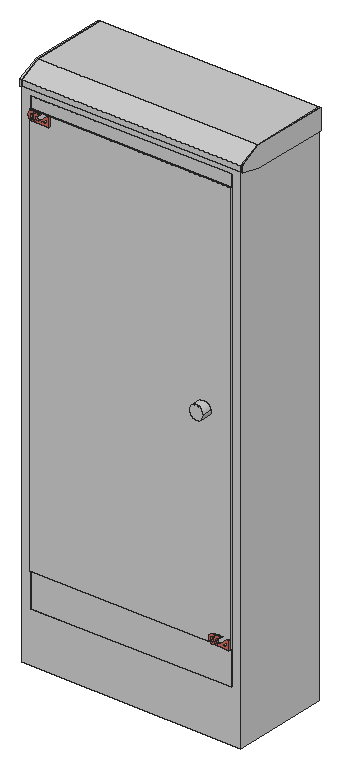
Revit family "120908-00184  Шкаф распределительный телефонный ШР-600-2М (пустой) ССД", category Обобщенные модели, Revit 2019
Family settings
  Может служить основой для арматурных стержней = Нет
  Размер круглого соединителя = Использовать диаметр
  Тип детали = Нормальный
  На основе рабочей плоскости = Нет
  Всегда вертикально = Да
  При загрузке вырезать с полостями = Нет
  Общий = Нет
  Точка расчета площади = Нет
Parameters (values of type "ШР-600-2М")
  Толщина 5 = 5 mm  # constant formula
  Толщина 4 = 4 mm  # constant formula
  Толщина 25 = 25 mm  # constant formula
  Толщина -4 = -4 mm  # constant formula
  Смещение от уровня [instance] = 500 mm
  Описание = "Шкаф распределительный телефонный ШР-600-2М (пустой) ССД"
  Ноль = 0 mm  # constant formula
  Материал букв = Металл красный
  Материал Каркаса = Металл серый
  ADSK_Этаж [instance] = ""
  ADSK_Размер_Ширина = 640 mm
  ADSK_Размер_Глубина = 285 mm
  ADSK_Размер_Высота = 1550 mm
  ADSK_Примечание [instance] = ""
  ADSK_Предел огнестойкости = ""
  ADSK_Позиция [instance] = ""
  ADSK_Обозначение = ""
  ADSK_Наименование краткое = "ШР-600-2М"
  ADSK_Наименование = "Шкаф распределительный телефонный ШР-600-2М (пустой) ССД"
  ADSK_Масса_Текст = "74"
  ADSK_Марка [instance] = ""
  ADSK_Количество [instance] = 1  # constant formula
  ADSK_Код изделия = "120908-00184"
  ADSK_Зона = ""
  ADSK_Завод-изготовитель = "АО СВЯЗЬСТРОЙДЕТАЛЬ"  # constant formula
  ADSK_Единица измерения = "шт"  # constant formula
  ADSK_URL страницы изделия = "Шкаф распределительный телефонный ШР-600-2М (пустой) ССД ( 120908-00184 ) (ssd.ru)"
  ADSK_URL документации изделия = "shr_decl_2017.pdf (ssd.ru)"
Reference planes
  plane 1 "тттт": y = 0
  plane 2: z = 0
  plane 3 "УУУУ": x = 0
  plane 4 "УК": y = -82.5
  plane 5: y = 82.5
  plane 6 "Е!": z = 500
  plane 7: z = 2050
  plane 8: z = 650
  plane 9: z = 2005
  plane 10: z = 1990
  plane 11 "Е-1": x = -320
  plane 12 "Е-2": x = 320
  plane 13 "П-2": y = 142.5
  plane 14 "П-1": y = -142.5
  plane 15: z = 2022
  plane 16: x = -293
  plane 17: x = 293
  plane 18: z = 750
  plane 19: z = 1957
  plane 20: x = 214.591
  plane 21: z = 1353.5
Forms (mm)
  Extrusion 1, void, not visible, detail levels fine
    sketch origin (-20, 0, 0) x (1, 0, 0) y (0, 0, 1)
      loop
        arc (-281.999, 290) -> (-261.999, 270) -> (-241.999, 290) r 20
        line (-241.999, 290) -> (-241.999, 370)
        arc (-241.999, 370) -> (-261.999, 390) -> (-281.999, 370) r 20
        line (-281.999, 370) -> (-281.999, 290)
    from 90 to 190
  Extrusion 2, void, not visible
    sketch origin (-20, 0, 225) x (1, 0, 0) y (0, 0, 1)
      loop
        circle (-261.999, 215) r 6.5
    from 90 to 190
  Extrusion 3, void, not visible, detail levels fine
    sketch origin (20, 0, 0) x (-1, 0, 0) y (0, 0, -1)
      loop
        line (-281.999, -290) -> (-281.999, -370)
        arc (-281.999, -370) -> (-261.999, -390) -> (-241.999, -370) r 20
        line (-241.999, -370) -> (-241.999, -290)
        arc (-241.999, -290) -> (-261.999, -270) -> (-281.999, -290) r 20
    from 90 to 190
  Extrusion 4, void, not visible
    sketch origin (20, 0, 225) x (-1, 0, 0) y (0, 0, -1)
      loop
        circle (-261.999, -215) r 6.5
    from 90 to 190
  Extrusion 5, void, not visible
    sketch origin (0, 0, 220) x (0, 1, 0) y (0, 0, 1)
      loop
        circle (-102, 220) r 3.036
      loop
        circle (-172.959, 220) r 3.036
      loop
        circle (-122, 237) r 3.036
      loop
        circle (-157.959, 237) r 3.036
      loop
        circle (-121.964, 203) r 3.036
      loop
        circle (-158.036, 203) r 3.036
      loop
        arc (-162.48, 75) -> (-137.48, 50) -> (-112.48, 75) r 25
        line (-112.48, 75) -> (-112.48, 145)
        arc (-112.48, 145) -> (-137.48, 170) -> (-162.48, 145) r 25
        line (-162.48, 145) -> (-162.48, 75)
    from -312 to 312
  Extrusion 6, solid, material "Металл серый" <- "Материал Каркаса", detail levels medium+fine
    sketch origin (0, -142.5, 0) x (-1, 0, 0) y (0, 0, 1)
      loop
        line (-320, 2005) -> (-320, 500) -> (320, 500) -> (320, 2005) -> (-320, 2005)
      loop
        line (293, 1990) -> (-293, 1990) -> (-293, 650) -> (293, 650) -> (293, 1990)
    from 4 <- "Толщина 4" to 0
  Extrusion 7, solid, material "Металл серый" <- "Материал Каркаса", detail levels medium+fine
    sketch origin (0, 142.5, 0) x (-1, 0, 0) y (0, 0, 1)
      loop
        line (320, 2005) -> (-320, 2005) -> (-320, 500) -> (320, 500) -> (320, 2005)
    from 0 to -4 <- "Толщина -4"
  Extrusion 8, solid, material "Металл серый" <- "Материал Каркаса", detail levels medium+fine
    sketch origin (-320, 0, 0) x (0, 1, 0) y (0, 0, 1)
      loop
        line (142.5, 2005) -> (-142.5, 2005) -> (-142.5, 500) -> (142.5, 500) -> (142.5, 2005)
    from 0 to 4 <- "Толщина 4"
  Extrusion 9, solid, material "Металл серый" <- "Материал Каркаса", detail levels medium+fine
    sketch origin (320, 0, 0) x (0, 1, 0) y (0, 0, 1)
      loop
        line (142.5, 2005) -> (-142.5, 2005) -> (-142.5, 500) -> (142.5, 500) -> (142.5, 2005)
    from -4 <- "Толщина -4" to 0
  Extrusion 10, solid, material "Металл серый" <- "Материал Каркаса", detail levels medium+fine
    sketch origin (-320, 0, 0) x (0, 1, 0) y (0, 0, 1)
      loop
        line (142.5, 2050) -> (-82.5, 2050) -> (-142.5, 2022) -> (-142.5, 2005) -> (-82.5, 1990) -> (142.5, 1990) -> (142.5, 2050)
    from -4 <- "Толщина -4" to 0
  Extrusion 11, solid, material "Металл серый" <- "Материал Каркаса", detail levels medium+fine
    sketch origin (320, 0, 0) x (0, 1, 0) y (0, 0, 1)
      loop
        line (-142.5, 2005) -> (-82.5, 1990) -> (142.5, 1990) -> (142.5, 2050) -> (-82.5, 2050) -> (-142.5, 2022) -> (-142.5, 2005)
    from 0 to 4 <- "Толщина 4"
  Extrusion 12, solid, material "Металл серый" <- "Материал Каркаса", detail levels medium+fine
    sketch origin (-320, 0, 0) x (0, 1, 0) y (0, 0, 1)
      loop
        line (-142.5, 2005) -> (-138.5, 2005) -> (-138.5, 2018.349) -> (-81.391, 2045) -> (138.5, 2045) -> (138.5, 2005) -> (142.5, 2005) -> (142.5, 2050) -> (-82.5, 2050) -> (-142.5, 2022) -> (-142.5, 2005)
    from 0 to 640
  Extrusion 13, solid, material "Металл серый" <- "Материал Каркаса", detail levels medium+fine
    sketch origin (0, -142.5, 0) x (-1, 0, 0) y (0, 0, 1)
      loop
        line (293, 1957) -> (-293, 1957) -> (-293, 750) -> (293, 750) -> (293, 1957)
    from -4 <- "Толщина -4" to 0
  Extrusion 14, solid, material "Металл серый" <- "Материал Каркаса", detail levels medium+fine
    sketch origin (0, -142.5, 0) x (-1, 0, 0) y (0, 0, 1)
      loop
        line (293, 750) -> (-293, 750) -> (-293, 650) -> (293, 650) -> (293, 750)
      loop
        line (293, 1990) -> (-293, 1990) -> (-293, 1957) -> (293, 1957) -> (293, 1990)
    from 0 to 4 <- "Толщина 4"
  Extrusion 15, solid, material "Металл серый" <- "Материал Каркаса", detail levels medium+fine
    sketch origin (0, -142.5, 0) x (-1, 0, 0) y (0, 0, 1)
      loop
        circle (-214.591, 1353.5) r 20
    from -30 to 0
  Extrusion 16, solid, material "Металл серый" <- "Материал Каркаса", detail levels medium+fine
    sketch origin (0, 0, 500) x (-1, 0, 0) y (0, -1, 0)
      loop
        line (320, -142.5) -> (320, 142.5) -> (-320, 142.5) -> (-320, -142.5) -> (320, -142.5)
    from 0 to 4
  Extrusion 17, solid, material "Металл серый" <- "Материал Каркаса", detail levels coarse
    sketch origin (0, 0, 0) x (1, 0, 0) y (0, 1, 0)
      loop
        line (-320, 142.5) -> (-320, -142.5) -> (320, -142.5) -> (320, 142.5) -> (-320, 142.5)
    from 500 to 2050
Cuts and joins
  joined: Extrusion 6, Extrusion 7, Extrusion 8, Extrusion 9, Extrusion 16
Dimensions and locks
  "Смещение от уровня": plane 6 "Е!" to level
  locked: plane 8 to plane 6 "Е!" at 150
  locked: plane 7 to plane 9 at 45
  locked: plane 9 to plane 10 at 15
  "ADSK_Размер_Высота": plane 7 to plane 6 "Е!"
  equal spacing: plane 13 "П-2", plane 1 "тттт", plane 14 "П-1"
  equal spacing: plane 11 "Е-1", plane 3 "УУУУ", plane 12 "Е-2"
  "ADSK_Размер_Глубина": plane 13 "П-2" to plane 14 "П-1"
  "ADSK_Размер_Ширина": plane 11 "Е-1" to plane 12 "Е-2"
  locked: plane 4 "УК" to plane 14 "П-1" at 60
  locked: plane 13 "П-2" to plane 5 at 60
  locked: plane 15 to plane 9 at 17
  locked: plane 16 to plane 11 "Е-1" at 27
  locked: plane 12 "Е-2" to plane 17 at 27
  "Толщина 5": Extrusion 10 to Extrusion 12 sketch curve  (x2)
  "Толщина 4": Extrusion 12 sketch curve to Extrusion 10
  "Толщина 4": Extrusion 10 to Extrusion 12 sketch curve
  locked: plane 18 to plane 8 at 100
  locked: plane 10 to plane 19 at 33
  plane 17 to plane 20 = 78.409 mm
  equal spacing: plane 19, plane 21, plane 18
  aligned and locked: level to plane 2
  aligned and locked: plane 9 to Extrusion 6 sketch curve
  aligned and locked: Extrusion 6 sketch curve to plane 6 "Е!"
  aligned and locked: Extrusion 6 sketch curve to plane 11 "Е-1"
  aligned and locked: plane 12 "Е-2" to Extrusion 6 sketch curve
  aligned and locked: Extrusion 6 sketch curve to plane 8
  aligned and locked: plane 17 to Extrusion 6 sketch curve
  aligned and locked: Extrusion 6 sketch curve to plane 16
  aligned and locked: Extrusion 6 sketch curve to plane 10
  aligned and locked: Extrusion 6 to plane 14 "П-1"
  aligned and locked: plane 6 "Е!" to Extrusion 7 sketch curve
  aligned and locked: plane 11 "Е-1" to Extrusion 7 sketch curve
  aligned and locked: Extrusion 7 sketch curve to plane 12 "Е-2"
  aligned and locked: Extrusion 7 sketch curve to plane 9
  aligned and locked: plane 13 "П-2" to Extrusion 7
  aligned and locked: Extrusion 8 sketch curve to Extrusion 7  (x2)
  aligned and locked: Extrusion 8 sketch curve to Extrusion 6  (x2)
  aligned and locked: Extrusion 8 to plane 11 "Е-1"
  aligned and locked: Extrusion 9 sketch curve to cut or joined group of Extrusion 6, Extrusion 7, Extrusion 8, Extrusion 9, Extrusion 16  (x2)
  aligned and locked: cut or joined group of Extrusion 6, Extrusion 7, Extrusion 8, Extrusion 9, Extrusion 16 to Extrusion 9 sketch curve
  aligned and locked: Extrusion 9 sketch curve to plane 9
  aligned and locked: plane 12 "Е-2" to Extrusion 9
  aligned and locked: plane 13 "П-2" to Extrusion 10 sketch curve
  aligned and locked: Extrusion 10 sketch curve to plane 7
  aligned and locked: plane 10 to Extrusion 10 sketch curve
  aligned and locked: plane 14 "П-1" to Extrusion 10 sketch curve
  aligned and locked: plane 15 to Extrusion 10 sketch curve
  aligned and locked: plane 4 "УК" to Extrusion 10 sketch curve  (x2)
  aligned and locked: plane 9 to Extrusion 10 sketch curve
  aligned and locked: plane 11 "Е-1" to Extrusion 10
  aligned and locked: Extrusion 11 sketch curve to plane 14 "П-1"
  aligned and locked: Extrusion 11 sketch curve to plane 10
  aligned and locked: plane 7 to Extrusion 11 sketch curve
  aligned and locked: Extrusion 11 sketch curve to plane 13 "П-2"
  aligned and locked: plane 15 to Extrusion 11 sketch curve
  aligned and locked: Extrusion 11 sketch curve to plane 4 "УК"  (x2)
  aligned and locked: plane 9 to Extrusion 11 sketch curve
  aligned and locked: Extrusion 11 to plane 12 "Е-2"
  aligned and locked: Extrusion 12 sketch curve to plane 7
  aligned and locked: plane 14 "П-1" to Extrusion 12 sketch curve
  aligned and locked: plane 13 "П-2" to Extrusion 12 sketch curve
  aligned and locked: Extrusion 12 to plane 11 "Е-1"
  aligned and locked: plane 12 "Е-2" to Extrusion 12
  aligned and locked: Extrusion 13 sketch curve to plane 19
  aligned and locked: Extrusion 13 sketch curve to cut or joined group of Extrusion 6, Extrusion 7, Extrusion 8, Extrusion 9, Extrusion 16
  aligned and locked: Extrusion 13 sketch curve to plane 18
  aligned and locked: plane 17 to Extrusion 13 sketch curve
  aligned and locked: plane 14 "П-1" to Extrusion 13
  aligned and locked: Extrusion 14 sketch curve to Extrusion 13  (x4)
  aligned and locked: Extrusion 14 sketch curve to cut or joined group of Extrusion 6, Extrusion 7, Extrusion 8, Extrusion 9, Extrusion 16  (x4)
  aligned and locked: Extrusion 14 to plane 14 "П-1"
  aligned and locked: plane 14 "П-1" to Extrusion 15
  aligned and locked: Extrusion 16 sketch curve to cut or joined group of Extrusion 6, Extrusion 7, Extrusion 8, Extrusion 9, Extrusion 16  (x4)
  aligned and locked: plane 18 to nested 1
  aligned and locked: nested 1 to plane 17
  aligned and locked: plane 16 to nested 2
  aligned and locked: plane 19 to nested 2
  aligned and locked: nested 2 to Extrusion 13
  aligned and locked: Extrusion 13 to nested 1
  aligned and locked: Extrusion 17 sketch curve to cut or joined group of Extrusion 6, Extrusion 7, Extrusion 8, Extrusion 9, Extrusion 16  (x4)
  aligned and locked: plane 7 to Extrusion 17
  aligned and locked: Extrusion 17 to plane 6 "Е!"
  aligned and locked: nested 3 to plane 6 "Е!"
  aligned and locked: plane 7 to nested 3
  aligned and locked: plane 11 "Е-1" to nested 3
  aligned and locked: plane 12 "Е-2" to nested 3
Automatic sketch dimensions
  Extrusion 15 sketch curve to plane 20 = 0 mm
  Extrusion 15 sketch curve to plane 21 = 0 mm
  Extrusion 12 sketch curve to plane 4 "УК" = 0 mm
  Extrusion 12 sketch curve to plane 9 = 0 mm  (x2)
  Extrusion 12 sketch curve to plane 15 = 0 mm
  radius of Extrusion 15 sketch curve = 20 mm
Nested families
  nested 1: "ССД" at (263.016, -146.5, 750), Материал <- "Материал букв", type "ССД", detail levels fine
    with Материал Металл красный
  nested 2: "ССД" at (-263.016, -146.5, 1931), Материал <- "Материал букв", type "ССД", detail levels fine
    with Материал Металл красный
  nested 3: "ЭУ_Шкаф распределительный" at (0, 0, 500) x (1, 0, 0) z (0, -1, 0), type "ЭУ_Шкаф распределительный", detail levels coarse
    with ADSK_Размер_Ширина 640 mm, ADSK_Размер_Высота 1550 mm
Definition of nested family "ССД"
  Parameters (values of type "ССД")
    Материал [instance] = none
  Reference planes
    plane 1 "По центру (Вперед/Назад)": y = 0
    plane 2: z = 0
    plane 3 "По центру (Влево/Вправо)": x = 0
    plane 4: y = -5
    plane 5: z = 26
    plane 6: x = -29.984
    plane 7: x = 29.984
  Forms (mm)
    Extrusion 1, solid, material <- "Материал"
      sketch origin (-4.748, 0, -135.953) x (1, 0, 0) y (0, 0, 1)
        loop
          arc (-12.562, 161.735) -> (-25.455, 148.886) -> (-12.605, 135.993) r 12.871
          line (-12.605, 135.993) -> (-5.127, 135.993)
          arc (-5.127, 135.993) -> (-8.341, 138.928) -> (-10.997, 142.376) r 24.946
          line (-10.997, 142.376) -> (-12.584, 142.376)
          arc (-12.584, 142.376) -> (-19.072, 148.864) -> (-12.584, 155.352) r 6.488
          line (-12.584, 155.352) -> (-10.972, 155.352)
          arc (-10.972, 155.352) -> (-8.292, 158.804) -> (-5.051, 161.735) r 24.946
          line (-5.051, 161.735) -> (-12.562, 161.735)
        loop
          arc (3.387, 161.709) -> (-9.505, 148.859) -> (3.344, 135.967) r 12.871
          line (3.344, 135.967) -> (34.291, 135.915) -> (34.334, 161.666) -> (28.9, 161.666) -> (8.095, 144.25) -> (16.764, 144.25) -> (28.888, 154.399) -> (28.868, 142.307) -> (3.34, 142.35)
          arc (3.34, 142.35) -> (-3.122, 148.856) -> (3.377, 155.326) r 6.488
          line (3.377, 155.326) -> (4.978, 155.326)
          arc (4.978, 155.326) -> (7.657, 158.777) -> (10.898, 161.709) r 24.946
          line (10.898, 161.709) -> (3.387, 161.709)
      from 0 to 5
  Lines and regions (mm)
    symbolic lines
      curve 1: line (-29.984, 0, 0) -> (29.984, 0, 0)
      curve 2: line (-29.984, 0, 26) -> (29.984, 0, 26)
      curve 3: line (-29.984, 0, 0) -> (-29.984, 0, 26)
      curve 4: line (29.984, 0, 0) -> (-29.984, 0, 0)
      curve 5: line (29.984, 0, 26) -> (29.984, 0, 0)
  Dimensions and locks
    locked: plane 1 "По центру (Вперед/Назад)" to plane 4 at 5
    locked: plane 5 to plane 2 at 26
    equal spacing: plane 7, plane 3 "По центру (Влево/Вправо)", plane 6
    locked: plane 7 to plane 6 at 59.968
    aligned and locked: level to plane 2
    aligned and locked: plane 1 "По центру (Вперед/Назад)" to curve 1
    aligned and locked: Extrusion 1 to plane 4
    aligned and locked: Extrusion 1 to plane 1 "По центру (Вперед/Назад)"
    aligned and locked: curve 2 to plane 5
    aligned and locked: plane 6 to curve 3
    aligned and locked: plane 2 to curve 4
    aligned and locked: curve 5 to plane 7
  Automatic sketch dimensions
    curve 1 to plane 6 = 0 mm
    curve 1 to plane 7 = 0 mm
    Extrusion 1 sketch curve to Extrusion 1 sketch curve = 0 mm  (x6)
    Extrusion 1 sketch curve to plane 3 "По центру (Влево/Вправо)" = 17.331 mm
    Extrusion 1 sketch curve to Extrusion 1 sketch curve = 0.022 mm
    Extrusion 1 sketch curve to Extrusion 1 sketch curve = 1.587 mm
    Extrusion 1 sketch curve to Extrusion 1 sketch curve = 1.612 mm
    Extrusion 1 sketch curve to plane 3 "По центру (Влево/Вправо)" = 9.875 mm
    Extrusion 1 sketch curve to plane 3 "По центру (Влево/Вправо)" = 1.407 mm
    Extrusion 1 sketch curve to plane 3 "По центру (Влево/Вправо)" = 1.382 mm
    Extrusion 1 sketch curve to plane 3 "По центру (Влево/Вправо)" = 1.371 mm
    Extrusion 1 sketch curve to plane 3 "По центру (Влево/Вправо)" = 1.36 mm
    Extrusion 1 sketch curve to Extrusion 1 sketch curve = 1.601 mm
    Extrusion 1 sketch curve to Extrusion 1 sketch curve = 4.755 mm
    Extrusion 1 sketch curve to Extrusion 1 sketch curve = 1.902 mm
    Extrusion 1 sketch curve to Extrusion 1 sketch curve = 5.043 mm
    Extrusion 1 sketch curve to Extrusion 1 sketch curve = 0.878 mm
    Extrusion 1 sketch curve to Extrusion 1 sketch curve = 6.767 mm
    Extrusion 1 sketch curve to plane 7 = 8.785 mm
    Extrusion 1 sketch curve to plane 7 = 5.864 mm
    Extrusion 1 sketch curve to plane 7 = 5.844 mm
    Extrusion 1 sketch curve to plane 7 = 5.831 mm
    Extrusion 1 sketch curve to plane 7 = 0.44 mm
    Extrusion 1 sketch curve to plane 7 = 0.397 mm
    Extrusion 1 sketch curve to plane 5 = 26.038 mm
    Extrusion 1 sketch curve to Extrusion 1 sketch curve = 0.079 mm
    Extrusion 1 sketch curve to Extrusion 1 sketch curve = 5.898 mm
    Extrusion 1 sketch curve to Extrusion 1 sketch curve = 0.027 mm
    Extrusion 1 sketch curve to Extrusion 1 sketch curve = 0.494 mm
    Extrusion 1 sketch curve to Extrusion 1 sketch curve = 0.51 mm
    Extrusion 1 sketch curve to Extrusion 1 sketch curve = 6.383 mm
    Extrusion 1 sketch curve to Extrusion 1 sketch curve = 2.411 mm
    Extrusion 1 sketch curve to Extrusion 1 sketch curve = 6.488 mm  (x2)
    Extrusion 1 sketch curve to Extrusion 1 sketch curve = 12.092 mm
    Extrusion 1 sketch curve to Extrusion 1 sketch curve = 7.267 mm
    Extrusion 1 sketch curve to plane 3 "По центру (Влево/Вправо)" = 9.798 mm
    Extrusion 1 sketch curve to plane 3 "По центру (Влево/Вправо)" = 1.404 mm
Definition of nested family "ЭУ_Шкаф распределительный"
  Parameters (values of type "ЭУ_Шкаф распределительный")
    ADSK_Размер_Ширина [instance] = 640 mm
    ADSK_Размер_Высота [instance] = 1180 mm
  Reference planes
    plane 1 "По центру (Вперед/Назад)": y = 0
    plane 2: z = 0
    plane 3 "По центру (Влево/Вправо)": x = 0
    plane 4: x = -320
    plane 5: x = 320
    plane 6: y = 1180
    plane 7: y = 1087
    plane 8: x = -293
    plane 9: x = 293
    plane 10 "По центру (В/С": y = 250
    plane 11: x = 200
    plane 12: y = 668.5
  Lines and regions (mm)
    detail lines, in view "Опорный уровень"
      curve 1: line (-320, 1180, 0) -> (320, 1180, 0)
      curve 2: line (-320, 0, 0) -> (-320, 1180, 0)
      curve 3: line (320, 0, 0) -> (-320, 0, 0)
      curve 4: line (320, 1180, 0) -> (320, 0, 0)
      curve 5: line (-293, 1087, 0) -> (293, 1087, 0)
      curve 6: line (-293, 250, 0) -> (-293, 1087, 0)
      curve 7: line (293, 250, 0) -> (-293, 250, 0)
      curve 8: circle (200, 668.5, 0) r 20 normal (0, 0, 1)
      curve 9: line (293, 1087, 0) -> (293, 250, 0)
  Dimensions and locks
    equal spacing: plane 4, plane 3 "По центру (Влево/Вправо)", plane 5
    "ADSK_Размер_Ширина": plane 4 to plane 5
    "ADSK_Размер_Высота": plane 6 to plane 1 "По центру (Вперед/Назад)"
    locked: plane 9 to plane 5 at 27
    locked: plane 4 to plane 8 at 27
    equal spacing: plane 7, plane 12, plane 10 "По центру (В/С"
    locked: plane 10 "По центру (В/С" to plane 1 "По центру (Вперед/Назад)" at 250
    locked: plane 6 to plane 7 at 93
    locked: plane 11 to plane 9 at 93
    aligned and locked: curve 1 to plane 6
    aligned and locked: plane 4 to curve 2
    aligned and locked: curve 3 to plane 1 "По центру (Вперед/Назад)"
    aligned and locked: curve 4 to plane 5
    aligned and locked: curve 5 to plane 7
    aligned and locked: plane 8 to curve 6
    aligned and locked: plane 10 "По центру (В/С" to curve 7
    aligned and locked: plane 12 to curve 8
    aligned and locked: plane 11 to curve 8
    aligned and locked: curve 9 to plane 9
  Automatic sketch dimensions
    radius of curve 8 = 20 mm
